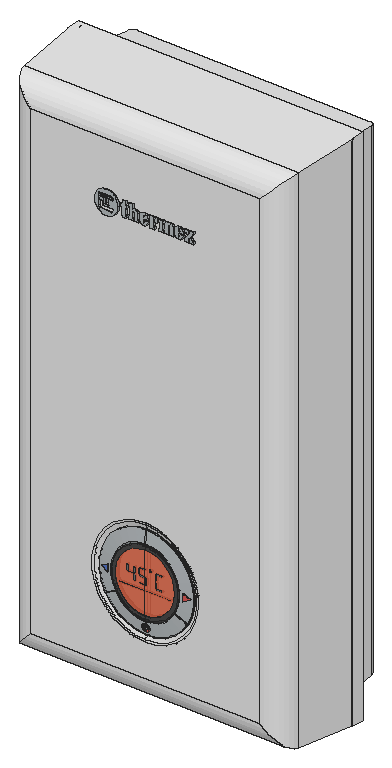
Revit family "THERMEX TOPFLOW PRO", category Оборудование, Revit 2017
Family settings
  Размер круглого соединителя = Использовать диаметр
  Тип детали = Нормальный
  На основе рабочей плоскости = Нет
  Всегда вертикально = Да
  При загрузке вырезать с полостями = Нет
  Общий = Нет
  Точка расчета площади = Нет
Parameters (values of type "21000W")
  Техподдержка производителя = "Проектный отдел Thermex – Антон Сатурин, тел: 8(981)7217628, asaturin@thermex.ru"  # constant formula
  Описание = "Один из самых мощных, современных и надежных проточных водонагревателей. Thermex Topflow обеспечивает стабильный и быстрый нагрев за счет спирального нагревательного элемента из нержавеющей стали. Такой нагревательный элемент устойчив к образованию накипи и способен бесперебойно работать даже при постоянной активной эксплуатации."  # constant formula
  Минимальное давление = 1000000.0 Pa
  Максимальное давление = 100000.0 Pa
  Комментарии к типоразмеру = "Модель разработана по заказу ТЕРМЕКС, автор Михаил Кузьмин НПО ИНКОМИС, правообладатель ТЕРМЕКС"  # constant formula
  Изготовитель = "ТЕРМЕКС"  # constant formula
  URL = "https://thermex.ru/catalog/seriya-topflow-pro/thermex-topflow-pro-21000/"
  ADSK_Примечание = ""
  ADSK_Позиция = "TFP21"
  ADSK_Обозначение = "Каталог ТЕРМЕКС артикул 211022"
  ADSK_Номинальная мощность = 21000 W
  ADSK_Напряжение = 380 V
  ADSK_Наименование = "Водонагреватель проточный, электрический, THERMEX TOPFLOW PRO 21000"
  ADSK_Масса_Текст = "4,3"
  ADSK_Количество фаз = 3
  ADSK_Завод-изготовитель = "ТЕРМЕКС"  # constant formula
  ADSK_Единица измерения = "шт"  # constant formula
  ADSK_Версия семейства = "01.01"  # constant formula
  ADSK_Версия Revit = "2017"  # constant formula
Reference planes
  plane 1 "По центру (Вперед/Назад)": y = 0
  plane 2: z = 0
  plane 3 "По центру (Влево/Вправо)": x = 0
  plane 4: x = -128.5
  plane 5: x = 128.5
  plane 6 "2": y = -80
  plane 7: y = 5
  plane 8: z = 20
  plane 9: z = 56.25
  plane 10: z = 151.25
  plane 11: z = 103.75
  plane 12: z = 143.25
  plane 13: z = 64.25
  plane 14: y = -7
  plane 15: y = 45
  plane 16: x = -113.5
  plane 17: x = 113.5
  plane 18: z = 30
  plane 19: z = 185
  plane 20 "1": x = 24.269
  plane 21: x = -50
  plane 22: x = 50
  plane 23: z = 14.75
  plane 24 "3": y = -80.2
  plane 25: z = 477
  plane 26: z = 238.5
  plane 27: z = 397.922
  plane 28: z = 49.484
Forms (mm)
  Revolve 1, void
    sketch origin (0, 0, 0) x (0, 1, 0) y (0, 0, 1)
      loop
        arc (-79.668, 150.385) -> (-79.916, 151.265) -> (-80, 152.176) r 5
        line (-80, 152.176) -> (-80, 161.25) -> (-85.967, 161.25) -> (-85.967, 103.75) -> (-75, 103.75) -> (-75, 138.215) -> (-79.668, 150.385)
      axis (-75, 103.75) -> (-85.967, 103.75)
    angle from 0 to 360
  Revolve 2, solid, material "Цинк"
    sketch origin (0, 0, 0) x (0, 1, 0) y (0, 0, 1)
      loop
        line (-78.746, 146.521) -> (-79.96, 134.968)
        arc (-79.96, 134.968) -> (-79.833, 134.578) -> (-79.459, 134.412) r 0.503
        line (-79.459, 134.412) -> (-77.294, 134.412) -> (-77.294, 147) -> (-78.213, 147)
        arc (-78.213, 147) -> (-78.571, 146.863) -> (-78.746, 146.521) r 0.535
      axis (-77.294, 103.75) -> (-79.96, 103.75)
    angle from 119.5 to 0.5
  Revolve 3, solid, material "Цинк"
    sketch origin (0, 0, 0) x (0, 1, 0) y (0, 0, 1)
      loop
        line (-78.746, 146.519) -> (-79.96, 134.964)
        arc (-79.96, 134.964) -> (-79.834, 134.576) -> (-79.462, 134.411) r 0.501
        line (-79.462, 134.411) -> (-77.294, 134.411) -> (-77.294, 146.998) -> (-78.213, 146.998)
        arc (-78.213, 146.998) -> (-78.572, 146.861) -> (-78.746, 146.519) r 0.535
      axis (-77.294, 103.75) -> (-79.96, 103.75)
    angle from 239.5 to 120.5
  Revolve 4, solid, material "Цинк"
    sketch origin (0, 0, 0) x (0, 1, 0) y (0, 0, 1)
      loop
        line (-78.746, 146.519) -> (-79.961, 134.958)
        arc (-79.961, 134.958) -> (-79.836, 134.575) -> (-79.468, 134.411) r 0.496
        line (-79.468, 134.411) -> (-77.294, 134.411) -> (-77.294, 146.998) -> (-78.213, 146.998)
        arc (-78.213, 146.998) -> (-78.572, 146.861) -> (-78.746, 146.519) r 0.535
      axis (-77.294, 103.75) -> (-79.961, 103.75)
    angle from 359.5 to 240.5
  Extrusion 5, void
    sketch origin (0, 0, 0) x (1, 0, 0) y (0, 0, 1)
      loop
        line (-126, 472) -> (-126, 5)
        arc (-126, 5) -> (-125.268, 3.232) -> (-123.5, 2.5) r 2.5
        line (-123.5, 2.5) -> (123.5, 2.5)
        arc (123.5, 2.5) -> (125.268, 3.232) -> (126, 5) r 2.5
        line (126, 5) -> (126, 472)
        arc (126, 472) -> (125.268, 473.768) -> (123.5, 474.5) r 2.5
        line (123.5, 474.5) -> (-123.5, 474.5)
        arc (-123.5, 474.5) -> (-125.268, 473.768) -> (-126, 472) r 2.5
    from 7 to -5
  Extrusion 6, solid, material "Пластмасса, непрозрачная, белая"
    sketch origin (0, 0, 0) x (1, 0, 0) y (0, 1, 0)
      loop
        line (-113.5, -7) -> (113.5, -7) -> (109.995, 38.018)
        arc (109.995, 38.018) -> (108.407, 41.297) -> (105.014, 42.626) r 4.996
        line (105.014, 42.626) -> (-105.014, 42.626)
        arc (-105.014, 42.626) -> (-108.407, 41.297) -> (-109.995, 38.018) r 4.996
        line (-109.995, 38.018) -> (-113.5, -7)
    from 4.618 to 469.664
  Extrusion 7, solid, material "Пластмасса, непрозрачная, белая"
    sketch origin (0, 0, 0) x (1, 0, 0) y (0, 1, 0)
      loop
        line (-126, 5) -> (-126, -7) -> (-113.5, -7) -> (-112.45, 5) -> (-126, 5)
      loop
        line (126, 5) -> (112.45, 5) -> (113.5, -7) -> (126, -7) -> (126, 5)
    from 389 to 392
  Extrusion 8, solid, material "Пластмасса, непрозрачная, белая"
    sketch origin (0, 0, -42.988) x (1, 0, 0) y (0, 1, 0)
      loop
        line (-126, 5) -> (-126, -7) -> (-113.5, -7) -> (-112.45, 5) -> (-126, 5)
      loop
        line (126, 5) -> (112.45, 5) -> (113.5, -7) -> (126, -7) -> (126, 5)
    from 280 to 283
  Extrusion 9, solid, material "Пластмасса, непрозрачная, белая"
    sketch origin (0, 0, -195) x (1, 0, 0) y (0, 1, 0)
      loop
        line (-126, 5) -> (-126, -7) -> (-113.5, -7) -> (-112.45, 5) -> (-126, 5)
      loop
        line (126, 5) -> (112.45, 5) -> (113.5, -7) -> (126, -7) -> (126, 5)
    from 280 to 283
  Extrusion 10, solid, material "Пластмасса, непрозрачная, белая"
    sketch origin (0, 0, 127.5) x (0, 1, 0) y (0, 0, 1)
      loop
        line (5, 347.5) -> (-7, 347.5) -> (-7, 336.846) -> (5, 335.888) -> (5, 347.5)
    from 50 to 53
  Extrusion 11, solid, material "Пластмасса, непрозрачная, белая"
    sketch origin (0, 0, 127.5) x (0, 1, 0) y (0, 0, -1)
      loop
        line (5, -347.5) -> (5, -335.888) -> (-7, -336.846) -> (-7, -347.5) -> (5, -347.5)
    from 50 to 53
  Revolve 12, solid, material "Пластмасса, непрозрачная, черная"
    sketch origin (0, 0, 0) x (0, 1, 0) y (0, 0, 1)
      loop
        line (-77.294, 134.241) -> (-79.659, 134.241)
        arc (-79.659, 134.241) -> (-80.035, 134.085) -> (-80.191, 133.71) r 0.531
        line (-80.191, 133.71) -> (-80.191, 130.335) -> (-77.294, 130.335) -> (-77.294, 134.241)
      axis (-77.294, 103.75) -> (-80.191, 103.75)
    angle from 0 to 360
  Extrusion 13, solid, material "Пластмасса, непрозрачная, белая"
    sketch origin (0, 0, 0) x (1, 0, 0) y (0, 0, 1)
      loop
        line (103.486, 446.725) -> (105.486, 446.725)
        arc (105.486, 446.725) -> (102.34, 454.321) -> (94.744, 457.467) r 10.742
        line (94.744, 457.467) -> (94.744, 455.467)
        arc (94.744, 455.467) -> (100.926, 452.907) -> (103.486, 446.725) r 8.742
      loop
        arc (-103.486, 446.725) -> (-100.926, 452.907) -> (-94.744, 455.467) r 8.742
        line (-94.744, 455.467) -> (-94.744, 457.467)
        arc (-94.744, 457.467) -> (-102.34, 454.321) -> (-105.486, 446.725) r 10.742
        line (-105.486, 446.725) -> (-103.486, 446.725)
      loop
        arc (103.486, 108.657) -> (100.926, 102.475) -> (94.744, 99.915) r 8.742
        line (94.744, 99.915) -> (94.744, 97.915)
        arc (94.744, 97.915) -> (102.34, 101.061) -> (105.486, 108.657) r 10.742
        line (105.486, 108.657) -> (103.486, 108.657)
      loop
        line (-103.486, 108.657) -> (-105.486, 108.657)
        arc (-105.486, 108.657) -> (-102.34, 101.061) -> (-94.744, 97.915) r 10.742
        line (-94.744, 97.915) -> (-94.744, 99.915)
        arc (-94.744, 99.915) -> (-100.926, 102.475) -> (-103.486, 108.657) r 8.742
    from 0 to -45
  Extrusion 14, void
    sketch origin (0, 0, 0) x (1, 0, 0) y (0, 0, 1)
      loop
        line (-102.37, 446.585) -> (-99.325, 446.585)
        arc (-99.325, 446.585) -> (-97.687, 449.586) -> (-94.672, 451.197) r 5.976
        line (-94.672, 451.197) -> (-94.672, 454.237)
        arc (-94.672, 454.237) -> (-99.809, 451.707) -> (-102.37, 446.585) r 8.976
      loop
        arc (-85.178, 446.585) -> (-87.739, 451.707) -> (-92.876, 454.237) r 8.976
        line (-92.876, 454.237) -> (-92.876, 451.197)
        arc (-92.876, 451.197) -> (-89.86, 449.586) -> (-88.222, 446.585) r 5.976
        line (-88.222, 446.585) -> (-85.178, 446.585)
      loop
        arc (-102.37, 444.84) -> (-99.809, 439.719) -> (-94.672, 437.188) r 8.976
        line (-94.672, 437.188) -> (-94.672, 440.228)
        arc (-94.672, 440.228) -> (-97.687, 441.84) -> (-99.325, 444.84) r 5.976
        line (-99.325, 444.84) -> (-102.37, 444.84)
      loop
        line (-85.178, 444.84) -> (-88.222, 444.84)
        arc (-88.222, 444.84) -> (-89.86, 441.84) -> (-92.876, 440.228) r 5.976
        line (-92.876, 440.228) -> (-92.876, 437.188)
        arc (-92.876, 437.188) -> (-87.739, 439.719) -> (-85.178, 444.84) r 8.976
      loop
        arc (-95.443, 448.488) -> (-98.326, 445.605) -> (-95.443, 442.722) r 2.883
        line (-95.443, 442.722) -> (-92.017, 442.722)
        arc (-92.017, 442.722) -> (-89.134, 445.605) -> (-92.017, 448.488) r 2.883
        line (-92.017, 448.488) -> (-95.443, 448.488)
      loop
        line (-102.37, 110.518) -> (-99.325, 110.518)
        arc (-99.325, 110.518) -> (-97.687, 113.518) -> (-94.672, 115.129) r 5.976
        line (-94.672, 115.129) -> (-94.672, 118.17)
        arc (-94.672, 118.17) -> (-99.809, 115.639) -> (-102.37, 110.518) r 8.976
      loop
        arc (-85.178, 110.518) -> (-87.739, 115.639) -> (-92.876, 118.17) r 8.976
        line (-92.876, 118.17) -> (-92.876, 115.129)
        arc (-92.876, 115.129) -> (-89.86, 113.518) -> (-88.222, 110.518) r 5.976
        line (-88.222, 110.518) -> (-85.178, 110.518)
      loop
        arc (-102.37, 108.773) -> (-99.809, 103.651) -> (-94.672, 101.12) r 8.976
        line (-94.672, 101.12) -> (-94.672, 104.161)
        arc (-94.672, 104.161) -> (-97.687, 105.772) -> (-99.325, 108.773) r 5.976
        line (-99.325, 108.773) -> (-102.37, 108.773)
      loop
        line (-85.178, 108.773) -> (-88.222, 108.773)
        arc (-88.222, 108.773) -> (-89.86, 105.772) -> (-92.876, 104.161) r 5.976
        line (-92.876, 104.161) -> (-92.876, 101.12)
        arc (-92.876, 101.12) -> (-87.739, 103.651) -> (-85.178, 108.773) r 8.976
      loop
        arc (-95.443, 112.42) -> (-98.326, 109.537) -> (-95.443, 106.654) r 2.883
        line (-95.443, 106.654) -> (-92.017, 106.654)
        arc (-92.017, 106.654) -> (-89.134, 109.537) -> (-92.017, 112.42) r 2.883
        line (-92.017, 112.42) -> (-95.443, 112.42)
      loop
        arc (102.37, 446.585) -> (99.809, 451.707) -> (94.672, 454.237) r 8.976
        line (94.672, 454.237) -> (94.672, 451.197)
        arc (94.672, 451.197) -> (97.687, 449.586) -> (99.325, 446.585) r 5.976
        line (99.325, 446.585) -> (102.37, 446.585)
      loop
        line (85.178, 446.585) -> (88.222, 446.585)
        arc (88.222, 446.585) -> (89.86, 449.586) -> (92.876, 451.197) r 5.976
        line (92.876, 451.197) -> (92.876, 454.237)
        arc (92.876, 454.237) -> (87.739, 451.707) -> (85.178, 446.585) r 8.976
      loop
        line (102.37, 444.84) -> (99.325, 444.84)
        arc (99.325, 444.84) -> (97.687, 441.84) -> (94.672, 440.228) r 5.976
        line (94.672, 440.228) -> (94.672, 437.188)
        arc (94.672, 437.188) -> (99.809, 439.719) -> (102.37, 444.84) r 8.976
      loop
        arc (85.178, 444.84) -> (87.739, 439.719) -> (92.876, 437.188) r 8.976
        line (92.876, 437.188) -> (92.876, 440.228)
        arc (92.876, 440.228) -> (89.86, 441.84) -> (88.222, 444.84) r 5.976
        line (88.222, 444.84) -> (85.178, 444.84)
      loop
        line (95.443, 448.488) -> (92.017, 448.488)
        arc (92.017, 448.488) -> (89.134, 445.605) -> (92.017, 442.722) r 2.883
        line (92.017, 442.722) -> (95.443, 442.722)
        arc (95.443, 442.722) -> (98.326, 445.605) -> (95.443, 448.488) r 2.883
      loop
        arc (102.37, 110.518) -> (99.809, 115.639) -> (94.672, 118.17) r 8.976
        line (94.672, 118.17) -> (94.672, 115.129)
        arc (94.672, 115.129) -> (97.687, 113.518) -> (99.325, 110.518) r 5.976
        line (99.325, 110.518) -> (102.37, 110.518)
      loop
        line (85.178, 110.518) -> (88.222, 110.518)
        arc (88.222, 110.518) -> (89.86, 113.518) -> (92.876, 115.129) r 5.976
        line (92.876, 115.129) -> (92.876, 118.17)
        arc (92.876, 118.17) -> (87.739, 115.639) -> (85.178, 110.518) r 8.976
      loop
        line (102.37, 108.773) -> (99.325, 108.773)
        arc (99.325, 108.773) -> (97.687, 105.772) -> (94.672, 104.161) r 5.976
        line (94.672, 104.161) -> (94.672, 101.12)
        arc (94.672, 101.12) -> (99.809, 103.651) -> (102.37, 108.773) r 8.976
      loop
        arc (85.178, 108.773) -> (87.739, 103.651) -> (92.876, 101.12) r 8.976
        line (92.876, 101.12) -> (92.876, 104.161)
        arc (92.876, 104.161) -> (89.86, 105.772) -> (88.222, 108.773) r 5.976
        line (88.222, 108.773) -> (85.178, 108.773)
      loop
        line (95.443, 112.42) -> (92.017, 112.42)
        arc (92.017, 112.42) -> (89.134, 109.537) -> (92.017, 106.654) r 2.883
        line (92.017, 106.654) -> (95.443, 106.654)
        arc (95.443, 106.654) -> (98.326, 109.537) -> (95.443, 112.42) r 2.883
    from -45 to -40
  Extrusion 15, void
    sketch origin (0, 0, 0) x (1, 0, 0) y (0, 0, 1)
      loop
        line (-32.435, 457) -> (-32.435, 420.118) -> (32.435, 420.118) -> (32.435, 457) -> (-32.435, 457)
    from -45 to -5
  Revolve 16, solid, material "Источник света оранж табло"
    sketch origin (0, 0, 0) x (0, 1, 0) y (0, 0, 1)
      loop
        line (-77.294, 130.326) -> (-80.191, 130.326) -> (-80.191, 103.75) -> (-77.294, 103.75) -> (-77.294, 130.326)
      axis (-77.294, 103.75) -> (-80.191, 103.75)
    angle from 0 to 360
  Extrusion 17, solid, material "Пластмасса, непрозрачная, белая"
    sketch origin (-24.36, 0, 136.373) x (1, 0, 0) y (0, 0, 1)
      loop
        line (28.333, 312.425) -> (18.512, 311.566)
        arc (18.512, 311.566) -> (18.025, 311.389) -> (17.693, 310.992) r 1
        line (17.693, 310.992) -> (13.504, 302.01)
        arc (13.504, 302.01) -> (13.414, 301.5) -> (13.591, 301.013) r 1
        line (13.591, 301.013) -> (19.293, 292.871)
        arc (19.293, 292.871) -> (19.689, 292.538) -> (20.199, 292.448) r 1
        line (20.199, 292.448) -> (29.981, 293.304)
        arc (29.981, 293.304) -> (30.468, 293.481) -> (30.8, 293.878) r 1
        line (30.8, 293.878) -> (35.006, 302.896)
        arc (35.006, 302.896) -> (35.096, 303.406) -> (34.919, 303.892) r 1
        line (34.919, 303.892) -> (29.24, 312.002)
        arc (29.24, 312.002) -> (28.843, 312.335) -> (28.333, 312.425) r 1.001
    from -12.452 to -5
  Revolve 18, solid, material "Пластмасса, непрозрачная, белая"
    sketch origin (0, 0, -4.375) x (0, 1, 0) y (0, 0, 1)
      loop
        line (11.584, 446.741) -> (24.865, 446.741) -> (24.865, 447.764)
        arc (24.865, 447.764) -> (23.401, 451.299) -> (19.865, 452.764) r 5
        line (19.865, 452.764) -> (11.584, 452.764) -> (11.584, 446.741)
      axis (24.865, 443.226) -> (11.584, 443.226)
    angle from 0 to 360
  Extrusion 19, solid, material "Пластмасса, непрозрачная, тсерая"
    sketch origin (0, 0, 0) x (1, 0, 0) y (0, 0, 1)
      loop
        line (-16.271, 113.337) -> (-16.271, 109.065) -> (-15.68, 108.474) -> (-15.089, 109.065) -> (-15.089, 113.337) -> (-15.68, 113.928) -> (-16.271, 113.337)
      loop
        line (-9.942, 113.337) -> (-9.942, 109.065) -> (-9.351, 108.474) -> (-8.76, 109.065) -> (-8.76, 113.337) -> (-9.351, 113.928) -> (-9.942, 113.337)
      loop
        line (-5.744, 113.337) -> (-5.744, 109.065) -> (-5.153, 108.474) -> (-4.562, 109.065) -> (-4.562, 113.337) -> (-5.153, 113.928) -> (-5.744, 113.337)
      loop
        line (9.256, 113.337) -> (9.256, 109.065) -> (9.847, 108.474) -> (10.438, 109.065) -> (10.438, 113.337) -> (9.847, 113.928) -> (9.256, 113.337)
      loop
        line (9.256, 106.974) -> (9.256, 102.702) -> (9.847, 102.111) -> (10.438, 102.702) -> (10.438, 106.974) -> (9.847, 107.565) -> (9.256, 106.974)
      loop
        line (0.619, 106.974) -> (0.619, 102.702) -> (1.21, 102.111) -> (1.801, 102.702) -> (1.801, 106.974) -> (1.21, 107.565) -> (0.619, 106.974)
      loop
        line (-9.908, 106.974) -> (-9.908, 102.702) -> (-9.317, 102.111) -> (-8.726, 102.702) -> (-8.726, 106.974) -> (-9.317, 107.565) -> (-9.908, 106.974)
      loop
        line (15.201, 114.82) -> (10.93, 114.82) -> (10.339, 114.229) -> (10.93, 113.638) -> (15.201, 113.638) -> (15.792, 114.229) -> (15.201, 114.82)
      loop
        line (15.201, 102.484) -> (10.93, 102.484) -> (10.339, 101.893) -> (10.93, 101.302) -> (15.201, 101.302) -> (15.792, 101.893) -> (15.201, 102.484)
      loop
        line (0.028, 114.837) -> (-4.243, 114.837) -> (-4.835, 114.246) -> (-4.243, 113.655) -> (0.028, 113.655) -> (0.619, 114.246) -> (0.028, 114.837)
      loop
        line (-10.533, 108.474) -> (-14.805, 108.474) -> (-15.396, 107.883) -> (-14.805, 107.292) -> (-10.533, 107.292) -> (-9.942, 107.883) -> (-10.533, 108.474)
      loop
        line (0.034, 108.474) -> (-4.238, 108.474) -> (-4.829, 107.883) -> (-4.238, 107.292) -> (0.034, 107.292) -> (0.625, 107.883) -> (0.034, 108.474)
      loop
        line (0.034, 102.489) -> (-4.238, 102.489) -> (-4.829, 101.898) -> (-4.238, 101.307) -> (0.034, 101.307) -> (0.625, 101.898) -> (0.034, 102.489)
      loop
        line (-22.696, 97.749) -> (-22.696, 96.969) -> (23.026, 96.969) -> (23.026, 97.749) -> (-22.696, 97.749)
      loop
        circle (4.844, 114.82) r 1.001
      loop
        circle (4.844, 114.82) r 0.804
    from 79.353 to 80.2
  Extrusion 20, solid, material "Алюминий, анодированный синий"
    sketch origin (0, 0, 0) x (1, 0, 0) y (0, 0, 1)
      loop
        line (-40.208, 103.75) -> (-34.295, 100.336) -> (-34.295, 107.164) -> (-40.208, 103.75)
    from 77 to 80.2
  Extrusion 21, solid, material "Алюминий, анодированный красный"
    sketch origin (0, 0, 0) x (-1, 0, 0) y (0, 0, -1)
      loop
        line (-40.208, -103.75) -> (-34.295, -107.164) -> (-34.295, -100.336) -> (-40.208, -103.75)
    from 77 to 80.2
  Extrusion 22, solid, material "Алюминий, анодированный красный"
    sketch origin (103.75, 0, 103.75) x (0, 0, 1) y (-1, 0, 0)
      loop
        line (-33.255, 104.816) -> (-34.116, 104.816)
        arc (-34.116, 104.816) -> (-38.878, 103.75) -> (-34.116, 102.684) r 2.5
        line (-34.116, 102.684) -> (-33.255, 102.684)
        arc (-33.255, 102.684) -> (-39.678, 103.75) -> (-33.255, 104.816) r 3.3
      loop
        line (-33.348, 104.205) -> (-36.361, 104.205) -> (-36.361, 103.295) -> (-33.348, 103.295) -> (-33.348, 104.205)
    from 77 to 80.2
  Extrusion 23, void
    sketch origin (0, 0, 0) x (1, 0, 0) y (0, 1, 0)
      loop
        line (33.752, -80.073) -> (33.752, -80.929) -> (40.821, -80.929) -> (40.821, -79.33) -> (33.752, -80.073)
    from 99.633 to 107.292
  Extrusion 24, void
    sketch origin (0, 0, 0) x (-1, 0, 0) y (0, -1, 0)
      loop
        line (33.752, 80.073) -> (40.821, 79.33) -> (40.821, 80.929) -> (33.752, 80.929) -> (33.752, 80.073)
    from 99.633 to 107.292
  Extrusion 25, void
    sketch origin (103.437, -0.078, 104.531) x (0, 0, -1) y (0, -1, 0)
      loop
        line (33.752, 79.955) -> (40.821, 79.212) -> (40.821, 80.929) -> (33.752, 80.929) -> (33.752, 79.955)
    from 99.633 to 107.292
  Extrusion 26, void
    sketch origin (0, 0, 476.375) x (0, 1, 0) y (0, 0, 1)
      loop
        line (45, -16.18) -> (45, 0) -> (-12.095, 0) -> (-12.095, -11.622) -> (45, -16.18)
    from -121.793 to 124.717
  Extrusion 27, solid, material "Пластмасса, непрозрачная, белая"
    sketch origin (0, 0, 0) x (1, 0, 0) y (0, 1, 0)
      loop
        arc (-128.5, -6.563) -> (-128.49, -7) -> (-128.462, -7.435) r 10
        line (-128.462, -7.435) -> (-123.711, -61.743)
        arc (-123.711, -61.743) -> (-117.299, -74.746) -> (-103.787, -80) r 20
        line (-103.787, -80) -> (103.787, -80)
        arc (103.787, -80) -> (117.299, -74.746) -> (123.711, -61.743) r 20
        line (123.711, -61.743) -> (128.462, -7.435)
        arc (128.462, -7.435) -> (128.49, -7) -> (128.5, -6.563) r 10
        line (128.5, -6.563) -> (128.5, 5) -> (-128.5, 5) -> (-128.5, -6.563)
    from 0 to 477
  Extrusion 28, void
    sketch origin (0, 0, 0) x (0, 1, 0) y (0, 0, 1)
      loop
        line (5, 477) -> (-80, 477) -> (-80, 451.237)
        arc (-80, 451.237) -> (-74.746, 464.749) -> (-61.743, 471.161) r 20
        line (-61.743, 471.161) -> (5, 477)
    from -139.096 to 138.507
  Extrusion 29, void
    sketch origin (0, 0, 477) x (0, 1, 0) y (0, 0, 1)
      loop
        line (5, -477) -> (-61.743, -471.161)
        arc (-61.743, -471.161) -> (-74.746, -464.749) -> (-80, -451.237) r 20
        line (-80, -451.237) -> (-80, -477) -> (5, -477)
    from -139.096 to 138.507
  Extrusion 30, void
    sketch origin (0, 0, 0.625) x (0, 1, 0) y (0, 0, 1)
      loop
        line (45, 16.18) -> (-12.095, 11.622) -> (-12.095, 0) -> (45, 0) -> (45, 16.18)
    from -121.793 to 124.717
  Extrusion 31, solid, material "Пластмасса, непрозрачная, белая"
    sketch origin (0, 0, 349.5) x (0, 1, 0) y (0, 0, 1)
      loop
        line (5, -347.5) -> (5, -335.888) -> (-7, -336.846) -> (-7, -347.5) -> (5, -347.5)
    from 50 to 53
  Extrusion 32, solid, material "Пластмасса, непрозрачная, белая"
    sketch origin (0, 0, 349.5) x (0, 1, 0) y (0, 0, -1)
      loop
        line (5, 347.5) -> (-7, 347.5) -> (-7, 336.846) -> (5, 335.888) -> (5, 347.5)
    from 50 to 53
  Extrusion 33, void
    sketch origin (0, 0, 0) x (1, 0, 0) y (0, 0, 1)
      loop
        line (97.646, 86.467) -> (14.481, 86.467) -> (14.481, 30) -> (97.646, 30) -> (97.646, 86.467)
      loop
        line (-97.646, 86.467) -> (-97.646, 30) -> (-14.481, 30) -> (-14.481, 86.467) -> (-97.646, 86.467)
    from -42.626 to 7
  Extrusion 34, void
    sketch origin (0, 0, 0) x (0, 1, 0) y (0, 0, 1)
      loop
        line (40, 97.749) -> (-7, 97.749) -> (-7, 20) -> (40, 20) -> (40, 97.749)
    from -104.711 to 105.472
  Extrusion 35, solid, material "Латунь"
    sketch origin (0, 0, 0) x (1, 0, 0) y (0, 0, 1)
      loop
        circle (50, 56.25) r 7.3
      loop
        circle (50, 56.25) r 9.9
      loop
        circle (-50, 56.25) r 7.3
      loop
        circle (-50, 56.25) r 9.9
    from -54.572 to -5
  Extrusion 36, solid, material "Алюминий, анодированный синий"
    sketch origin (0, 0, 0) x (1, 0, 0) y (0, 0, 1)
      loop
        circle (50, 56.25) r 9.9
      loop
        circle (50, 56.25) r 10.768
    from -40 to -24.865
  Extrusion 37, solid, material "Алюминий, анодированный красный"
    sketch origin (0, 0, 0) x (-1, 0, 0) y (0, 0, -1)
      loop
        circle (50, -56.25) r 9.9
      loop
        circle (50, -56.25) r 10.768
    from -40 to -24.865
Cuts and joins
  Extrusion 14, Extrusion 15, Extrusion 26, Extrusion 30, Extrusion 33, Extrusion 34 cuts Extrusion 6
  Extrusion 26, Extrusion 30 cuts Extrusion 13
  joined: Extrusion 6, Extrusion 13
  Extrusion 23, Extrusion 24, Extrusion 25 cuts Extrusion 21
  Extrusion 24 cuts Extrusion 20
  Extrusion 25 cuts Extrusion 22
  Extrusion 30 cuts Extrusion 10
  Extrusion 30 cuts Extrusion 11
  Revolve 1, Extrusion 5, Extrusion 28, Extrusion 29 cuts Extrusion 27
  joined: Extrusion 7, Extrusion 8, Extrusion 9, Extrusion 10, Extrusion 11, Extrusion 27, Extrusion 31, Extrusion 32
Lines and regions (mm)
  model lines
    curve 1: line (-16.235, -80.2, 92.154) -> (-16.235, -80.2, 88.932)
    curve 2: line (-13.179, -80.2, 92.154) -> (-13.179, -80.2, 88.932)
    curve 3: line (-6.678, -80.2, 92.154) -> (-6.678, -80.2, 88.932)
    curve 4: line (-3.439, -80.2, 92.154) -> (-3.439, -80.2, 88.932)
    curve 5: line (-16.235, -80.2, 88.932) -> (-14.542, -80.2, 88.932)
    curve 6: line (-13.179, -80.2, 88.932) -> (-11.485, -80.2, 88.932)
    curve 7: line (-6.678, -80.2, 88.932) -> (-4.984, -80.2, 88.932)
    curve 8: line (-3.439, -80.2, 88.932) -> (-1.746, -80.2, 88.932)
    curve 9: line (-13.179, -80.2, 92.154) -> (-11.485, -80.2, 92.154)
    curve 10: line (-13.179, -80.2, 90.539) -> (-11.485, -80.2, 90.539)
    curve 11: line (-6.678, -80.2, 90.539) -> (-4.984, -80.2, 90.539)
    curve 12: line (-6.678, -80.2, 92.154) -> (-4.984, -80.2, 92.154)
    curve 13: line (-10.364, -80.2, 92.154) -> (-9.194, -80.2, 88.756)
    curve 14: line (-8.037, -80.2, 92.117) -> (-9.194, -80.2, 88.756)
    curve 15: line (5.675, -80.2, 93.911) -> (5.675, -80.2, 86.467)
    curve 16: line (8.907, -80.2, 93.911) -> (12.14, -80.2, 93.911)
    curve 17: line (12.14, -80.2, 93.911) -> (12.14, -80.2, 90.187)
    curve 18: line (12.14, -80.2, 90.187) -> (8.907, -80.2, 90.187)
    curve 19: line (8.907, -80.2, 90.187) -> (8.907, -80.2, 86.467)
    curve 20: line (8.907, -80.2, 86.467) -> (12.14, -80.2, 86.467)
    curve 21: line (5.675, -80.2, 93.911) -> (2.55, -80.2, 90.187)
Dimensions and locks
  plane 4 to plane 3 "По центру (Влево/Вправо)" to plane 5 = 128.50 mm, 128.50 mm
  plane 6 "2" to plane 1 "По центру (Вперед/Назад)" = 80.00 mm
  plane 1 "По центру (Вперед/Назад)" to plane 7 = 5.00 mm
  plane 8 to plane 2 = 20.00 mm
  plane 10 to plane 11 to plane 9 to plane 8 = 47.50 mm, 47.50 mm, 36.25 mm
  locked: plane 10 to plane 9 at 95
  plane 10 to plane 12 = 8.00 mm
  plane 13 to plane 9 = 8.00 mm
  plane 14 to plane 1 "По центру (Вперед/Назад)" = 7.00 mm
  plane 15 to plane 7 = 40.00 mm
  plane 4 to plane 16 = 15.00 mm
  plane 17 to plane 5 = 15.00 mm
  plane 15 to plane 6 "2" = 125.00 mm  (x2)
  plane 8 to plane 18 = 10.00 mm
  plane 22 to plane 3 "По центру (Влево/Вправо)" to plane 21 = 50.00 mm locked, 50.00 mm locked
  plane 6 "2" to plane 24 "3" = 0.20 mm
  plane 25 to plane 2 = 477.00 mm
  plane 5 to plane 3 "По центру (Влево/Вправо)" to plane 4 = 128.50 mm, 128.50 mm
  plane 5 to plane 4 = 257.00 mm
  locked: plane 16 to plane 4 at 15
  locked: plane 17 to plane 5 at 15
  equal spacing: plane 25, plane 26, plane 2
  level to cut or joined group 1 (Revolve 1, Extrusion 5, Extrusion 7, Extrusion 8, Extrusion 9, Extrusion 10, Extrusion 11, Extrusion 27, Extrusion 28, Extrusion 29, Extrusion 30, Extrusion 31, Extrusion 32) = 85.00 mm
  cut or joined group 1 to plane 25 = 85.00 mm
  aligned and locked: level to plane 2
  aligned and locked: plane 11 to Revolve 1 sketch curve
  aligned and locked: plane 11 to Revolve 2 sketch curve
  aligned and locked: Revolve 3 sketch curve to plane 11
  aligned and locked: Revolve 4 sketch curve to plane 11
  aligned and locked: Extrusion 6 sketch curve to plane 14
  aligned and locked: plane 11 to Revolve 12 sketch curve
  aligned and locked: plane 11 to Revolve 16 sketch curve
  aligned and locked: Extrusion 19 to plane 24 "3"
  aligned and locked: plane 3 "По центру (Влево/Вправо)" to nested 1
  aligned and locked: nested 1 to plane 27
  aligned and locked: plane 21 to nested 3
  aligned and locked: plane 22 to nested 2
  aligned and locked: plane 9 to nested 3
  aligned and locked: plane 9 to nested 2
Automatic sketch dimensions
  Revolve 1 sketch curve to plane 11 = 0.00 mm
  Revolve 1 sketch curve to plane 6 "2" = 0.00 mm
  Revolve 1 sketch curve to plane 24 "3" = 5.767 mm
  plane 6 "2" to Revolve 1 sketch curve = 0.332 mm
  plane 6 "2" to Revolve 1 sketch curve = 5.00 mm
  plane 10 to Revolve 1 sketch curve = 0.926 mm
  Revolve 1 sketch curve to Revolve 1 sketch curve = 4.668 mm
  Revolve 1 sketch curve to Revolve 1 sketch curve = 9.074 mm
  Revolve 1 sketch curve to Revolve 1 sketch curve = 29.033 mm
  Revolve 1 sketch curve to Revolve 1 sketch curve = 20.00 mm
  plane 6 "2" to Revolve 2 sketch curve = 0.04 mm
  Revolve 2 sketch curve to Revolve 2 sketch curve = 0.501 mm
  plane 6 "2" to Revolve 2 sketch curve = 1.254 mm
  Revolve 2 sketch curve to Revolve 2 sketch curve = 0.532 mm
  Revolve 2 sketch curve to Revolve 2 sketch curve = 0.919 mm
  Revolve 2 sketch curve to plane 12 = 8.838 mm
  Revolve 2 sketch curve to Revolve 2 sketch curve = 0.503 mm
  Revolve 2 sketch curve to plane 24 "3" = 52.094 mm
  plane 6 "2" to Revolve 2 sketch curve = 27.706 mm
  plane 6 "2" to Revolve 3 sketch curve = 0.04 mm
  Revolve 3 sketch curve to Revolve 3 sketch curve = 0.498 mm
  plane 6 "2" to Revolve 3 sketch curve = 1.254 mm
  Revolve 3 sketch curve to Revolve 3 sketch curve = 0.532 mm
  Revolve 3 sketch curve to Revolve 3 sketch curve = 0.92 mm
  Revolve 3 sketch curve to plane 12 = 8.839 mm
  Revolve 3 sketch curve to Revolve 3 sketch curve = 0.501 mm
  Revolve 3 sketch curve to plane 24 "3" = 52.094 mm
  plane 6 "2" to Revolve 3 sketch curve = 27.706 mm
  plane 6 "2" to Revolve 4 sketch curve = 0.039 mm
  Revolve 4 sketch curve to Revolve 4 sketch curve = 0.493 mm
  plane 6 "2" to Revolve 4 sketch curve = 1.254 mm
  Revolve 4 sketch curve to Revolve 4 sketch curve = 0.532 mm
  Revolve 4 sketch curve to Revolve 4 sketch curve = 0.92 mm
  Revolve 4 sketch curve to plane 12 = 8.839 mm
  Revolve 4 sketch curve to Revolve 4 sketch curve = 0.496 mm
  Revolve 4 sketch curve to plane 24 "3" = 52.094 mm
  plane 6 "2" to Revolve 4 sketch curve = 27.706 mm
  plane 4 to Extrusion 5 sketch curve = 2.50 mm
  Extrusion 5 sketch curve to Extrusion 5 sketch curve = 2.50 mm  (x2)
  Extrusion 5 sketch curve to plane 5 = 5.00 mm  (x2)
  Extrusion 5 sketch curve to plane 5 = 2.50 mm
  level to Extrusion 5 sketch curve = 2.50 mm
  Extrusion 5 sketch curve to plane 25 = 5.00 mm
  Extrusion 6 sketch curve to plane 16 = 0.00 mm
  Extrusion 6 sketch curve to plane 17 = 0.00 mm
  plane 16 to Extrusion 6 sketch curve = 3.505 mm
  Extrusion 6 sketch curve to Extrusion 6 sketch curve = 4.981 mm
  plane 17 to Extrusion 6 sketch curve = 8.486 mm
  plane 17 to Extrusion 6 sketch curve = 3.505 mm
  Extrusion 6 sketch curve to plane 15 = 7.37 mm
  plane 7 to Extrusion 7 sketch curve = 0.00 mm  (x2)
  Extrusion 7 sketch curve to plane 14 = 0.00 mm  (x2)
  Extrusion 7 sketch curve to plane 16 = 0.00 mm
  Extrusion 7 sketch curve to plane 17 = 0.00 mm
  plane 4 to Extrusion 7 sketch curve = 2.50 mm
  plane 16 to Extrusion 7 sketch curve = 1.05 mm
  plane 17 to Extrusion 7 sketch curve = 1.05 mm
  Extrusion 7 sketch curve to plane 5 = 2.50 mm
  plane 7 to Extrusion 8 sketch curve = 0.00 mm  (x2)
  Extrusion 8 sketch curve to plane 14 = 0.00 mm  (x2)
  Extrusion 8 sketch curve to plane 16 = 0.00 mm
  Extrusion 8 sketch curve to plane 17 = 0.00 mm
  plane 4 to Extrusion 8 sketch curve = 2.50 mm
  plane 16 to Extrusion 8 sketch curve = 1.05 mm
  plane 17 to Extrusion 8 sketch curve = 1.05 mm
  Extrusion 8 sketch curve to plane 5 = 2.50 mm
  plane 7 to Extrusion 9 sketch curve = 0.00 mm  (x2)
  Extrusion 9 sketch curve to plane 14 = 0.00 mm  (x2)
  Extrusion 9 sketch curve to plane 16 = 0.00 mm
  Extrusion 9 sketch curve to plane 17 = 0.00 mm
  plane 4 to Extrusion 9 sketch curve = 2.50 mm
  plane 16 to Extrusion 9 sketch curve = 1.05 mm
  plane 17 to Extrusion 9 sketch curve = 1.05 mm
  Extrusion 9 sketch curve to plane 5 = 2.50 mm
  Extrusion 10 sketch curve to plane 14 = 0.00 mm
  Extrusion 10 sketch curve to plane 7 = 0.00 mm
  Extrusion 10 sketch curve to plane 25 = 13.612 mm
  Extrusion 10 sketch curve to Extrusion 10 sketch curve = 0.958 mm
  Extrusion 10 sketch curve to plane 25 = 2.00 mm
  Extrusion 11 sketch curve to plane 14 = 0.00 mm
  Extrusion 11 sketch curve to plane 7 = 0.00 mm
  Extrusion 11 sketch curve to plane 25 = 2.00 mm
  Extrusion 11 sketch curve to Extrusion 11 sketch curve = 10.654 mm
  Extrusion 11 sketch curve to Extrusion 11 sketch curve = 11.612 mm
  plane 24 "3" to Revolve 12 sketch curve = 0.009 mm
  plane 6 "2" to Revolve 12 sketch curve = 0.341 mm
  plane 6 "2" to Revolve 12 sketch curve = 2.706 mm
  Revolve 12 sketch curve to plane 12 = 12.915 mm
  Revolve 12 sketch curve to Revolve 12 sketch curve = 3.375 mm
  Revolve 12 sketch curve to plane 24 "3" = 8.748 mm
  plane 6 "2" to Revolve 12 sketch curve = 11.052 mm
  Extrusion 13 sketch curve to Extrusion 13 sketch curve = 0.00 mm  (x8)
  plane 16 to Extrusion 13 sketch curve = 8.014 mm  (x2)
  plane 11 to Extrusion 13 sketch curve = 4.907 mm  (x2)
  Extrusion 13 sketch curve to Extrusion 13 sketch curve = 2.00 mm  (x4)
  Extrusion 13 sketch curve to Extrusion 13 sketch curve = 8.742 mm  (x4)
  plane 17 to Extrusion 13 sketch curve = 18.756 mm  (x2)
  Extrusion 13 sketch curve to plane 25 = 30.275 mm  (x2)
  Extrusion 14 sketch curve to Extrusion 14 sketch curve = 0.00 mm  (x62)
  plane 16 to Extrusion 14 sketch curve = 11.13 mm  (x2)
  Extrusion 14 sketch curve to Extrusion 14 sketch curve = 3.044 mm  (x8)
  Extrusion 14 sketch curve to Extrusion 14 sketch curve = 3.883 mm  (x4)
  Extrusion 14 sketch curve to Extrusion 14 sketch curve = 0.771 mm  (x4)
  plane 11 to Extrusion 14 sketch curve = 0.411 mm  (x4)
  Extrusion 14 sketch curve to Extrusion 14 sketch curve = 1.376 mm  (x4)
  Extrusion 14 sketch curve to Extrusion 14 sketch curve = 0.586 mm  (x8)
  Extrusion 14 sketch curve to Extrusion 14 sketch curve = 1.796 mm  (x8)
  Extrusion 14 sketch curve to Extrusion 14 sketch curve = 1.463 mm  (x4)
  Extrusion 14 sketch curve to Extrusion 14 sketch curve = 3.796 mm  (x4)
  plane 17 to Extrusion 14 sketch curve = 28.322 mm  (x2)
  plane 11 to Extrusion 14 sketch curve = 6.768 mm
  Extrusion 14 sketch curve to Extrusion 14 sketch curve = 0.858 mm  (x4)
  Extrusion 14 sketch curve to Extrusion 14 sketch curve = 3.041 mm  (x4)
  Extrusion 14 sketch curve to Extrusion 14 sketch curve = 2.493 mm  (x4)
  Extrusion 14 sketch curve to Extrusion 14 sketch curve = 0.744 mm  (x4)
  Extrusion 14 sketch curve to Extrusion 14 sketch curve = 0.264 mm  (x4)
  Extrusion 14 sketch curve to Extrusion 14 sketch curve = 1.745 mm  (x7)
  plane 27 to Extrusion 14 sketch curve = 39.266 mm  (x2)
  plane 21 to Extrusion 15 sketch curve = 17.565 mm
  plane 20 "1" to Extrusion 15 sketch curve = 8.166 mm
  plane 27 to Extrusion 15 sketch curve = 22.196 mm
  Extrusion 15 sketch curve to plane 25 = 20.00 mm
  Revolve 16 sketch curve to plane 11 = 0.00 mm
  plane 24 "3" to Revolve 16 sketch curve = 0.009 mm
  plane 6 "2" to Revolve 16 sketch curve = 2.706 mm
  Revolve 16 sketch curve to plane 12 = 12.924 mm
  Revolve 16 sketch curve to plane 24 "3" = 24.385 mm
  Revolve 16 sketch curve to Revolve 16 sketch curve = 12.709 mm
  Extrusion 17 sketch curve to plane 3 "По центру (Влево/Вправо)" = 10.856 mm
  Extrusion 17 sketch curve to Extrusion 17 sketch curve = 0.087 mm  (x4)
  Extrusion 17 sketch curve to Extrusion 17 sketch curve = 0.819 mm  (x5)
  Extrusion 17 sketch curve to plane 3 "По центру (Влево/Вправо)" = 6.668 mm
  Extrusion 17 sketch curve to plane 3 "По центру (Влево/Вправо)" = 5.068 mm
  Extrusion 17 sketch curve to Extrusion 17 sketch curve = 0.906 mm
  plane 3 "По центру (Влево/Вправо)" to Extrusion 17 sketch curve = 3.973 mm
  Extrusion 17 sketch curve to Extrusion 17 sketch curve = 0.907 mm
  plane 3 "По центру (Влево/Вправо)" to Extrusion 17 sketch curve = 5.534 mm
  plane 3 "По центру (Влево/Вправо)" to Extrusion 17 sketch curve = 9.739 mm
  plane 27 to Extrusion 17 sketch curve = 30.899 mm
  Revolve 18 sketch curve to plane 7 = 6.584 mm
  Revolve 18 sketch curve to Revolve 18 sketch curve = 8.282 mm
  Revolve 18 sketch curve to Revolve 18 sketch curve = 5.00 mm
  Revolve 18 sketch curve to plane 25 = 34.634 mm
  Revolve 18 sketch curve to Revolve 18 sketch curve = 1.022 mm
  plane 1 "По центру (Вперед/Назад)" to Revolve 18 sketch curve = 1.977 mm
  Revolve 18 sketch curve to Revolve 18 sketch curve = 5.98 mm
  Revolve 18 sketch curve to Revolve 18 sketch curve = 3.515 mm
  Extrusion 19 sketch curve to Extrusion 19 sketch curve = 0.00 mm  (x12)
  Extrusion 19 sketch curve to plane 11 = 6.001 mm
  Extrusion 19 sketch curve to plane 3 "По центру (Влево/Вправо)" = 22.696 mm
  Extrusion 19 sketch curve to plane 3 "По центру (Влево/Вправо)" = 16.271 mm
  Extrusion 19 sketch curve to Extrusion 19 sketch curve = 0.591 mm  (x41)
  plane 11 to Extrusion 19 sketch curve = 4.724 mm
  plane 11 to Extrusion 19 sketch curve = 4.133 mm
  Extrusion 19 sketch curve to Extrusion 19 sketch curve = 0.284 mm  (x2)
  Extrusion 19 sketch curve to Extrusion 19 sketch curve = 4.272 mm  (x6)
  Extrusion 19 sketch curve to Extrusion 19 sketch curve = 0.626 mm  (x2)
  Extrusion 19 sketch curve to plane 11 = 1.639 mm  (x2)
  plane 11 to Extrusion 19 sketch curve = 3.815 mm
  Extrusion 19 sketch curve to Extrusion 19 sketch curve = 3.016 mm
  Extrusion 19 sketch curve to Extrusion 19 sketch curve = 0.318 mm  (x7)
  Extrusion 19 sketch curve to plane 11 = 1.852 mm
  Extrusion 19 sketch curve to Extrusion 19 sketch curve = 3.897 mm
  Extrusion 19 sketch curve to Extrusion 19 sketch curve = 0.324 mm  (x2)
  Extrusion 19 sketch curve to plane 11 = 1.261 mm
  plane 3 "По центру (Влево/Вправо)" to Extrusion 19 sketch curve = 0.028 mm  (x2)
  plane 3 "По центру (Влево/Вправо)" to Extrusion 19 sketch curve = 0.034 mm  (x4)
  plane 3 "По центру (Влево/Вправо)" to Extrusion 19 sketch curve = 0.619 mm
  Extrusion 19 sketch curve to Extrusion 19 sketch curve = 0.585 mm  (x2)
  Extrusion 19 sketch curve to Extrusion 19 sketch curve = 4.224 mm
  plane 11 to Extrusion 19 sketch curve = 3.224 mm  (x2)
  Extrusion 19 sketch curve to Extrusion 19 sketch curve = 7.455 mm
  Extrusion 19 sketch curve to Extrusion 19 sketch curve = 4.412 mm
  Extrusion 19 sketch curve to Extrusion 19 sketch curve = 0.491 mm  (x4)
  Extrusion 19 sketch curve to plane 11 = 1.857 mm
  Extrusion 19 sketch curve to plane 11 = 2.448 mm
  Extrusion 19 sketch curve to plane 20 "1" = 1.243 mm
  Extrusion 19 sketch curve to Extrusion 19 sketch curve = 0.78 mm
  Extrusion 19 sketch curve to Extrusion 19 sketch curve = 0.213 mm
  Extrusion 19 sketch curve to Extrusion 19 sketch curve = 0.218 mm
  Extrusion 19 sketch curve to Extrusion 19 sketch curve = 0.909 mm
  Extrusion 19 sketch curve to Extrusion 19 sketch curve = 0.301 mm  (x2)
  Extrusion 19 sketch curve to Extrusion 19 sketch curve = 0.574 mm
  curve 21 to plane 11 = 9.839 mm
  curve 17 to curve 15 = 0.00 mm
  curve 3 to plane 11 = 11.596 mm
  curve 2 to curve 3 = 0.00 mm
  curve 16 to curve 17 = 3.724 mm
  curve 2 to curve 6 = 3.222 mm
  curve 1 to curve 2 = 0.00 mm  (x2)
  curve 3 to curve 7 = 3.222 mm
  curve 4 to curve 7 = 0.00 mm
  curve 6 to curve 13 = 0.176 mm
  curve 18 to curve 20 = 3.72 mm
  curve 18 to plane 20 "1" = 12.129 mm
  curve 17 to curve 19 = 3.232 mm
  curve 18 to curve 21 = 3.232 mm
  curve 4 to plane 3 "По центру (Влево/Вправо)" = 3.439 mm
  curve 4 to curve 12 = 3.238 mm
  curve 3 to curve 13 = 2.517 mm
  curve 13 to curve 2 = 3.984 mm
  curve 2 to curve 1 = 3.057 mm
  curve 4 to curve 12 = 0.00 mm
  curve 13 to curve 9 = 0.00 mm
  curve 3 to curve 14 = 0.037 mm
  curve 11 to curve 7 = 1.606 mm
  curve 10 to curve 6 = 1.606 mm
  plane 3 "По центру (Влево/Вправо)" to curve 21 = 2.55 mm
  curve 21 to curve 8 = 1.255 mm
  curve 15 to curve 19 = 0.00 mm
  curve 20 to curve 19 = 3.232 mm
  curve 16 to curve 15 = 3.232 mm
  curve 8 to curve 4 = 1.693 mm
  curve 4 to curve 7 = 1.545 mm
  curve 4 to curve 12 = 1.545 mm
  curve 7 to curve 11 = 0.00 mm
  curve 3 to curve 14 = 1.36 mm
  curve 14 to curve 13 = 2.327 mm
  curve 13 to curve 9 = 1.121 mm
  curve 10 to curve 9 = 0.00 mm
  curve 6 to curve 10 = 0.00 mm
  curve 2 to curve 5 = 1.364 mm
  Extrusion 20 sketch curve to plane 11 = 0.00 mm
  plane 21 to Extrusion 20 sketch curve = 9.792 mm
  Extrusion 20 sketch curve to plane 11 = 3.414 mm
  Extrusion 20 sketch curve to Extrusion 20 sketch curve = 5.913 mm
  plane 11 to Extrusion 20 sketch curve = 3.414 mm
  Extrusion 21 sketch curve to plane 11 = 0.00 mm
  Extrusion 21 sketch curve to plane 22 = 9.792 mm
  Extrusion 21 sketch curve to plane 11 = 3.414 mm
  Extrusion 21 sketch curve to Extrusion 21 sketch curve = 5.913 mm
  plane 11 to Extrusion 21 sketch curve = 3.414 mm
  Extrusion 22 sketch curve to Extrusion 22 sketch curve = 0.00 mm  (x4)
  Extrusion 22 sketch curve to plane 3 "По центру (Влево/Вправо)" = 0.00 mm
  plane 13 to Extrusion 22 sketch curve = 3.122 mm
  Extrusion 22 sketch curve to Extrusion 22 sketch curve = 0.016 mm
  plane 3 "По центру (Влево/Вправо)" to Extrusion 22 sketch curve = 1.066 mm
  Extrusion 22 sketch curve to Extrusion 22 sketch curve = 2.245 mm
  Extrusion 22 sketch curve to plane 3 "По центру (Влево/Вправо)" = 0.455 mm
  Extrusion 22 sketch curve to Extrusion 22 sketch curve = 0.768 mm  (x2)
  Extrusion 22 sketch curve to Extrusion 22 sketch curve = 0.094 mm
  plane 3 "По центру (Влево/Вправо)" to Extrusion 22 sketch curve = 0.455 mm
  Extrusion 23 sketch curve to plane 6 "2" = 0.073 mm
  plane 20 "1" to Extrusion 23 sketch curve = 9.483 mm
  Extrusion 23 sketch curve to plane 24 "3" = 0.729 mm
  Extrusion 23 sketch curve to Extrusion 23 sketch curve = 7.069 mm
  plane 6 "2" to Extrusion 23 sketch curve = 0.67 mm
  plane 6 "2" to Extrusion 24 sketch curve = 0.073 mm
  Extrusion 24 sketch curve to plane 21 = 16.248 mm
  plane 24 "3" to Extrusion 24 sketch curve = 0.729 mm
  Extrusion 24 sketch curve to Extrusion 24 sketch curve = 7.069 mm
  Extrusion 24 sketch curve to plane 6 "2" = 0.67 mm
  Extrusion 25 sketch curve to plane 6 "2" = 0.033 mm
  plane 13 to Extrusion 25 sketch curve = 6.529 mm
  Extrusion 25 sketch curve to plane 13 = 0.54 mm
  plane 6 "2" to Extrusion 25 sketch curve = 0.71 mm
  Extrusion 25 sketch curve to plane 24 "3" = 0.807 mm
  Extrusion 26 sketch curve to plane 15 = 0.00 mm
  plane 25 to Extrusion 26 sketch curve = 0.625 mm
  plane 14 to Extrusion 26 sketch curve = 5.095 mm
  Extrusion 26 sketch curve to Extrusion 26 sketch curve = 11.622 mm
  Extrusion 26 sketch curve to Extrusion 26 sketch curve = 16.18 mm
  Extrusion 27 sketch curve to plane 4 = 0.00 mm
  Extrusion 27 sketch curve to plane 6 "2" = 0.00 mm
  Extrusion 27 sketch curve to plane 5 = 0.00 mm
  plane 7 to Extrusion 27 sketch curve = 0.00 mm
  plane 4 to Extrusion 27 sketch curve = 0.038 mm
  plane 4 to Extrusion 27 sketch curve = 4.789 mm
  plane 14 to Extrusion 27 sketch curve = 0.437 mm  (x2)
  Extrusion 27 sketch curve to plane 16 = 5.00 mm
  plane 16 to Extrusion 27 sketch curve = 9.713 mm
  plane 17 to Extrusion 27 sketch curve = 9.713 mm
  Extrusion 27 sketch curve to plane 17 = 5.00 mm
  Extrusion 27 sketch curve to plane 5 = 4.789 mm
  Extrusion 27 sketch curve to plane 5 = 0.038 mm
  plane 6 "2" to Extrusion 27 sketch curve = 18.257 mm  (x2)
  Extrusion 28 sketch curve to plane 6 "2" = 0.00 mm
  Extrusion 28 sketch curve to plane 7 = 0.00 mm
  Extrusion 28 sketch curve to plane 25 = 0.00 mm
  Extrusion 28 sketch curve to plane 25 = 5.839 mm
  plane 6 "2" to Extrusion 28 sketch curve = 18.257 mm
  plane 6 "2" to Extrusion 28 sketch curve = 20.00 mm
  Extrusion 29 sketch curve to level = 0.00 mm
  Extrusion 29 sketch curve to plane 6 "2" = 0.00 mm
  Extrusion 29 sketch curve to plane 7 = 0.00 mm
  Extrusion 29 sketch curve to level = 5.839 mm
  Extrusion 29 sketch curve to plane 6 "2" = 18.257 mm
  Extrusion 29 sketch curve to plane 18 = 4.237 mm
  Extrusion 30 sketch curve to plane 15 = 0.00 mm
  level to Extrusion 30 sketch curve = 0.625 mm
  Extrusion 30 sketch curve to plane 14 = 5.095 mm
  plane 23 to Extrusion 30 sketch curve = 2.503 mm
  Extrusion 30 sketch curve to plane 23 = 2.055 mm
  Extrusion 31 sketch curve to plane 14 = 0.00 mm
  Extrusion 31 sketch curve to plane 7 = 0.00 mm
  Extrusion 31 sketch curve to plane 23 = 1.138 mm
  Extrusion 31 sketch curve to plane 23 = 2.096 mm
  Extrusion 31 sketch curve to level = 2.00 mm
  Extrusion 32 sketch curve to plane 14 = 0.00 mm
  Extrusion 32 sketch curve to plane 7 = 0.00 mm
  plane 23 to Extrusion 32 sketch curve = 1.138 mm
  plane 23 to Extrusion 32 sketch curve = 2.096 mm
  level to Extrusion 32 sketch curve = 2.00 mm
  Extrusion 33 sketch curve to plane 18 = 0.00 mm  (x2)
  plane 16 to Extrusion 33 sketch curve = 15.854 mm
  Extrusion 33 sketch curve to plane 3 "По центру (Влево/Вправо)" = 14.481 mm
  Extrusion 33 sketch curve to plane 20 "1" = 9.789 mm
  plane 17 to Extrusion 33 sketch curve = 15.854 mm
  Extrusion 33 sketch curve to plane 11 = 17.283 mm  (x2)
  Extrusion 34 sketch curve to plane 14 = 0.00 mm
  Extrusion 34 sketch curve to plane 8 = 0.00 mm
  Extrusion 34 sketch curve to plane 15 = 5.00 mm
  Extrusion 34 sketch curve to plane 11 = 6.001 mm
  Extrusion 35 sketch curve to Extrusion 35 sketch curve = 0.00 mm  (x4)
  Extrusion 35 sketch curve to plane 9 = 0.00 mm  (x2)
  Extrusion 35 sketch curve to plane 21 = 0.00 mm
  Extrusion 35 sketch curve to plane 22 = 0.00 mm
  Extrusion 36 sketch curve to Extrusion 36 sketch curve = 0.00 mm  (x2)
  Extrusion 36 sketch curve to plane 9 = 0.00 mm
  Extrusion 36 sketch curve to plane 22 = 0.00 mm
  Extrusion 37 sketch curve to Extrusion 37 sketch curve = 0.00 mm  (x2)
  Extrusion 37 sketch curve to plane 9 = 0.00 mm
  Extrusion 37 sketch curve to plane 21 = 0.00 mm
  radius of Extrusion 19 sketch curve = 1.001 mm
  radius of Extrusion 19 sketch curve = 0.804 mm
  radius of Extrusion 35 sketch curve = 7.30 mm  (x2)
  radius of Extrusion 35 sketch curve = 9.90 mm  (x2)
  radius of Extrusion 36 sketch curve = 9.90 mm
  radius of Extrusion 36 sketch curve = 10.768 mm
  radius of Extrusion 37 sketch curve = 9.90 mm
  radius of Extrusion 37 sketch curve = 10.768 mm
Nested families
  nested 1: "ЛОГО_TOP_FLOW_PRO_100мм" at (0, -80, 397.922) x (1, 0, 0) z (0, -1, 0), type "ЛОГО_TOP_FLOW_PRO_100мм"
  nested 2: "РезьбаCоCбегами_Наруж_TOP_FLOW_PRO" at (50, 54.572, 56.25) x (1, 0, 0) z (0, 1, 0), type "1/2" х 4"
  nested 3: "РезьбаCоCбегами_Наруж_TOP_FLOW_PRO" at (-50, 54.572, 56.25) x (1, 0, 0) z (0, 1, 0), type "1/2" х 4"
Connectors
  piping at (50, 54.572, 56.25), diameter 15
    settings: on Extrusion 35, index 1, connector inside diameter 609.6 mm, connector length 0.00 mm, flow factor 0, pipe flow 0.0 L/s, pressure drop 0.0 Pa, fitting loss kfactor 0, connector angle 0.00°, fixture units 0, engagement length 0.00 mm, angle of deflection 0.00°, flow configuration 0, flow direction 1, fitting loss method 0, system type 20, joint type 0, gender type 0, connector reference index -1, connector utility 0, adjustable connector no, is connector primary yes, connector description ""
  piping at (-50, 54.572, 56.25), diameter 15
    settings: on Extrusion 35, index 2, connector inside diameter 609.6 mm, connector length 0.00 mm, flow factor 0, pipe flow 0.0 L/s, pressure drop 0.0 Pa, fitting loss kfactor 0, connector angle 0.00°, fixture units 0, engagement length 0.00 mm, angle of deflection 0.00°, flow configuration 0, flow direction 2, fitting loss method 0, system type 19, joint type 0, gender type 0, connector reference index -1, connector utility 0, adjustable connector no, is connector primary no, connector description ""
Definition of nested family "ЛОГО_TOP_FLOW_PRO_100мм"
  Parameters (values of type "ЛОГО_TOP_FLOW_100мм")
    Default Elevation = 0.00 mm
  Reference planes
    plane 1 "По центру (Вперед/Назад)": y = 0
    plane 2: z = 0
    plane 3 "По центру (Влево/Вправо)": x = 0
    plane 4: z = -524.875
    plane 5: z = 1
    plane 6: z = 2
  Forms (mm)
    Extrusion 1, solid
      sketch origin (0, 0, 0) x (1, 0, 0) y (0, 1, 0)
        loop
          line (-1219.2, 1219.2) -> (-1219.2, -1219.2) -> (1219.2, -1219.2) -> (1219.2, 1219.2) -> (-1219.2, 1219.2)
      from 0 to -304.8
    Extrusion 2, solid
      sketch origin (50.234, -63.022, 0) x (1, 0, 0) y (0, 1, 0)
        loop
          line (-5.623, 66.885) -> (-5.623, 68.866) -> (-9.315, 68.866) -> (-9.315, 66.874)
          spline (-9.315, 66.874) -> (-9.241, 66.833) -> (-9.184, 66.786) -> (-9.143, 66.733) -> (-9.12, 66.675) -> (-9.113, 66.611) -> (-9.123, 66.542) -> (-9.15, 66.467) -> (-9.194, 66.387) -> (-9.255, 66.3) -> (-9.332, 66.209) -> (-9.426, 66.111) -> (-9.538, 66.008)
          spline (-9.538, 66.008) -> (-9.651, 66.118) -> (-9.747, 66.222) -> (-9.826, 66.317) -> (-9.886, 66.406) -> (-9.928, 66.488) -> (-9.953, 66.562) -> (-9.96, 66.63) -> (-9.949, 66.69) -> (-9.92, 66.743) -> (-9.873, 66.789) -> (-9.809, 66.827) -> (-9.726, 66.859)
          line (-9.726, 66.859) -> (-9.726, 68.866) -> (-14.01, 68.866) -> (-14.01, 66.885)
          arc (-14.01, 66.885) -> (-13.605, 66.708) -> (-13.282, 66.405) r 1.303
          line (-13.282, 66.405) -> (-11.36, 63.86) -> (-13.098, 61.614)
          arc (-13.098, 61.614) -> (-13.508, 61.209) -> (-14.009, 60.925) r 2.187
          line (-14.009, 60.925) -> (-14.009, 58.837) -> (-10.29, 58.837) -> (-10.29, 60.993)
          spline (-10.29, 60.993) -> (-10.358, 61.038) -> (-10.41, 61.086) -> (-10.446, 61.14) -> (-10.467, 61.199) -> (-10.472, 61.262) -> (-10.462, 61.33) -> (-10.436, 61.402) -> (-10.395, 61.48) -> (-10.338, 61.562) -> (-10.265, 61.649) -> (-10.177, 61.741) -> (-10.073, 61.837)
          spline (-10.073, 61.837) -> (-9.971, 61.748) -> (-9.884, 61.661) -> (-9.814, 61.577) -> (-9.758, 61.497) -> (-9.719, 61.419) -> (-9.695, 61.345) -> (-9.686, 61.274) -> (-9.694, 61.205) -> (-9.717, 61.14) -> (-9.755, 61.078) -> (-9.81, 61.019) -> (-9.879, 60.963)
          line (-9.879, 60.963) -> (-9.879, 58.837) -> (-5.415, 58.837) -> (-5.415, 60.967)
          arc (-5.415, 60.967) -> (-5.935, 61.211) -> (-6.356, 61.603) r 1.853
          line (-6.356, 61.603) -> (-8.127, 63.86) -> (-6.796, 65.991)
          arc (-6.796, 65.991) -> (-6.291, 66.545) -> (-5.623, 66.885) r 2.085
        loop
          line (-19.349, 63.535) -> (-14.816, 63.535) -> (-14.816, 64.865)
          arc (-14.816, 64.865) -> (-18.855, 68.905) -> (-22.895, 64.865) r 4.039
          line (-22.895, 64.865) -> (-22.895, 62.852)
          arc (-22.895, 62.852) -> (-18.874, 58.832) -> (-14.853, 62.852) r 4.021
          line (-14.853, 62.852) -> (-17.79, 62.852)
          arc (-17.79, 62.852) -> (-17.84, 62.091) -> (-18.053, 61.358) r 3.54
          arc (-18.053, 61.358) -> (-18.699, 60.996) -> (-19.2, 61.541) r 0.597
          line (-19.2, 61.541) -> (-19.349, 63.535)
        loop
          line (-19.389, 65.329) -> (-17.947, 65.329) -> (-18.168, 66.481)
          arc (-18.168, 66.481) -> (-18.693, 66.908) -> (-19.205, 66.465) r 0.527
          line (-19.205, 66.465) -> (-19.389, 65.329)
        loop
          line (-33.262, 68.855) -> (-37.307, 68.855) -> (-37.307, 66.863)
          arc (-37.307, 66.863) -> (-36.703, 66.691) -> (-36.44, 66.12) r 0.752
          line (-36.44, 66.12) -> (-36.44, 61.684)
          arc (-36.44, 61.684) -> (-36.697, 61.118) -> (-37.293, 60.94) r 0.752
          line (-37.293, 60.94) -> (-37.293, 58.837) -> (-32.769, 58.837) -> (-32.769, 60.982)
          arc (-32.769, 60.982) -> (-33.1, 61.217) -> (-33.226, 61.603) r 0.65
          line (-33.226, 61.603) -> (-33.226, 66.058)
          arc (-33.226, 66.058) -> (-32.551, 66.734) -> (-31.876, 66.058) r 0.675
          line (-31.876, 66.058) -> (-31.876, 61.603)
          arc (-31.876, 61.603) -> (-32.01, 61.207) -> (-32.358, 60.975) r 0.65
          line (-32.358, 60.975) -> (-32.358, 58.837) -> (-28.231, 58.837) -> (-28.231, 60.982)
          arc (-28.231, 60.982) -> (-28.562, 61.217) -> (-28.688, 61.603) r 0.65
          line (-28.688, 61.603) -> (-28.688, 66.058)
          arc (-28.688, 66.058) -> (-28.013, 66.734) -> (-27.338, 66.058) r 0.675
          line (-27.338, 66.058) -> (-27.338, 61.603)
          arc (-27.338, 61.603) -> (-27.472, 61.207) -> (-27.82, 60.975) r 0.65
          line (-27.82, 60.975) -> (-27.82, 58.837) -> (-23.379, 58.837) -> (-23.379, 60.967)
          arc (-23.379, 60.967) -> (-23.907, 61.186) -> (-24.126, 61.714) r 0.747
          line (-24.126, 61.714) -> (-24.126, 67.279)
          arc (-24.126, 67.279) -> (-26.379, 68.885) -> (-29.015, 68.043) r 3.09
          arc (-29.015, 68.043) -> (-31.139, 68.86) -> (-33.262, 68.043) r 3.167
          line (-33.262, 68.043) -> (-33.262, 68.855)
        loop
          arc (-45.825, 66.786) -> (-45.235, 66.645) -> (-44.974, 66.098) r 0.704
          line (-44.974, 66.098) -> (-44.974, 61.785)
          arc (-44.974, 61.785) -> (-45.224, 61.181) -> (-45.828, 60.931) r 0.854
          line (-45.828, 60.931) -> (-45.828, 58.837) -> (-40.927, 58.837) -> (-40.927, 60.967)
          arc (-40.927, 60.967) -> (-41.491, 61.201) -> (-41.724, 61.764) r 0.797
          line (-41.724, 61.764) -> (-41.724, 65.544)
          arc (-41.724, 65.544) -> (-41.512, 66.246) -> (-40.948, 66.713) r 1.269
          spline (-40.948, 66.713) -> (-40.852, 65.564) -> (-40.185, 65.01) -> (-39.42, 64.856) -> (-38.728, 65.044) -> (-38.211, 65.515) -> (-37.891, 66.169) -> (-37.78, 66.907) -> (-37.922, 67.646) -> (-38.385, 68.322) -> (-39.222, 68.839) -> (-40.385, 68.892) -> (-41.78, 68.079)
          line (-41.78, 68.079) -> (-41.78, 68.864) -> (-45.825, 68.864) -> (-45.825, 66.786)
        loop
          line (-60.716, 72.449) -> (-64.747, 72.449) -> (-64.747, 70.365)
          arc (-64.747, 70.365) -> (-64.181, 70.265) -> (-63.923, 69.752) r 0.64
          line (-63.923, 69.752) -> (-63.923, 61.603)
          arc (-63.923, 61.603) -> (-64.184, 61.077) -> (-64.76, 60.967) r 0.66
          line (-64.76, 60.967) -> (-64.76, 58.837) -> (-60.201, 58.837) -> (-60.201, 60.972)
          arc (-60.201, 60.972) -> (-60.527, 61.215) -> (-60.651, 61.603) r 0.666
          line (-60.651, 61.603) -> (-60.651, 66.04)
          arc (-60.651, 66.04) -> (-59.964, 66.727) -> (-59.277, 66.04) r 0.687
          line (-59.277, 66.04) -> (-59.277, 61.603)
          arc (-59.277, 61.603) -> (-59.421, 61.199) -> (-59.79, 60.98) r 0.634
          line (-59.79, 60.98) -> (-59.79, 58.837) -> (-55.257, 58.837) -> (-55.257, 60.967)
          arc (-55.257, 60.967) -> (-55.827, 61.081) -> (-56.084, 61.603) r 0.658
          line (-56.084, 61.603) -> (-56.084, 66.099)
          arc (-56.084, 66.099) -> (-57.694, 68.676) -> (-60.716, 68.361) r 2.868
          line (-60.716, 68.361) -> (-60.716, 72.449)
